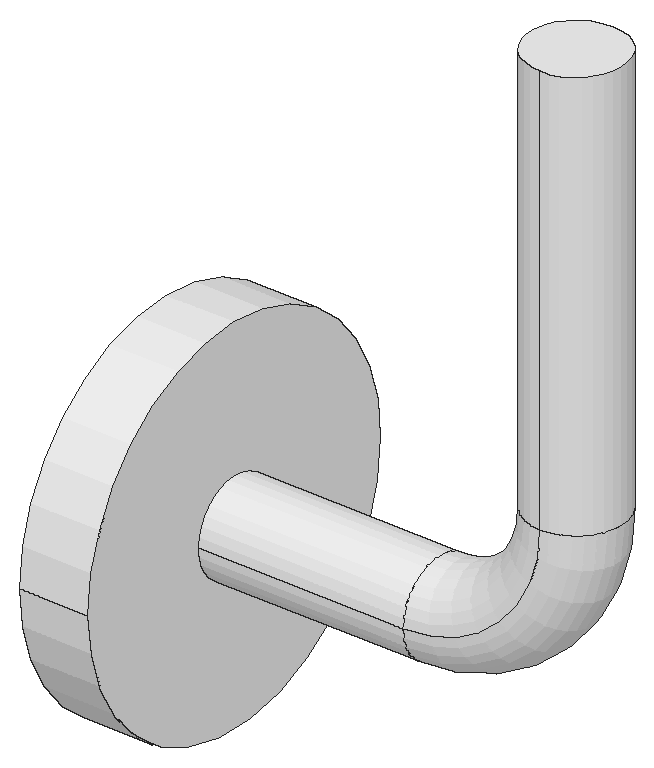
Revit family "001007_Bracket - Wall Mounted Handrail", category 난간동자, Revit 2026
Family settings
  항상 수직 = 예
  로드될 때 보이드를 사용하여 절단 = 아니오
  공유 = 아니오
Parameters (values of type "Handrail - Bracket")
  built-in parameter 1008623 [instance] = 38.00°
  built-in parameter 1008625 [instance] = (empty or 0)
  Post = no
  built-in parameter 1008624 [instance] = 38.00°
  Baluster Material = Metal - Stainless Steel
  built-in parameter 1008622 [instance] = 900 mm
  Assembly Code = ""
Reference planes
  plane 1 "Center (Front/Back)": y = 0
  plane 2: z = 0
  plane 3 "Top": z = 900
  plane 4 "Top Cut Angle": through (0, 436.633, 558.865) normal (0, -0.6157, -0.788)
  plane 5 "Bottom Cut Angle": through (0, 0, 0) normal (0, -0.6157, -0.788)
  plane 6: z = 880.95
  plane 7: x = -57.15
  plane 8: z = 823.8
  plane 9: z = 804.75
  plane 10: z = 1052.4
  plane 11: y = 153.029
  plane 12: y = -152.02
  plane 13: x = 0
  plane 14: x = -47.625
  plane 15: x = 25.4
Forms (mm)
  Extrusion 1, solid, material "Metal - Stainless Steel" <- "Baluster Material", detail levels medium+fine
    sketch origin (0, 0, 0) x (0, 1, 0) y (0, 0, 1)
      loop
        circle (0, 804.75) r 25.4
    from -57.15 to -47.625
  Sweep 2, solid, material "Metal - Stainless Steel" <- "Baluster Material", detail levels medium+fine
    path origin (-175.107, 0, 5.016) x (1, 0, 0) y (0, 0, 1)
      loop
        line (175.107, 875.934) -> (175.107, 818.784)
        arc (175.107, 818.784) -> (169.527, 805.313) -> (156.057, 799.734) r 19.05
        line (156.057, 799.734) -> (127.482, 799.734)
    profile origin (0, 0, 852.375) x (0, -1, 0) y (1, 0, 0)
      loop
        circle (0, 0) r 6.35
Text (mm)
  text "Baluster Elevation" at (0, 1437.503, 1234.25), in view "Left"
Dimensions and locks
  "built-in parameter 1008622": plane 2 to plane 3 "Top"
  locked: plane 3 "Top" to plane 6 at 19.05
  plane 9 to plane 8 to plane 3 "Top" = 19.05 mm locked, 76.2 mm locked
  locked: plane 3 "Top" to plane 10 at 152.4
  locked: plane 7 to plane 13 at 57.15
  locked: plane 7 to plane 14 at 9.525
  "built-in parameter 1008623": angle plane 3 "Top" to plane 4 "Top Cut Angle"
  "built-in parameter 1008624": angle level to plane 5 "Bottom Cut Angle"
  aligned and locked: plane 9 to Sweep 2 sketch curve
  aligned and locked: plane 7 to Extrusion 1
  aligned and locked: plane 13 to Sweep 2 sketch curve
  aligned and locked: plane 6 to Sweep 2 sketch curve
Automatic sketch dimensions
  Extrusion 1 sketch curve to plane 1 "Center (Front/Back)" = 0 mm
  Extrusion 1 sketch curve to plane 9 = 0 mm
  Sweep 2 sketch curve to plane 1 "Center (Front/Back)" = 0 mm
  Sweep 2 sketch curve to profile plane = 0 mm
  Sweep 2 sketch curve to plane 14 = 0 mm
  Sweep 2 sketch curve to plane 8 = 0 mm
  radius of Extrusion 1 sketch curve = 25.4 mm
  radius of Sweep 2 sketch curve = 6.35 mm
